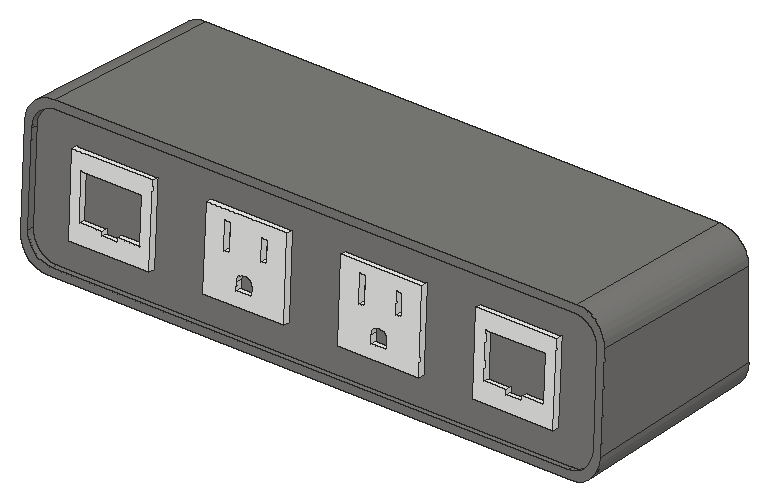
Revit family "Power-Teknion-BEEPC_Power_Cube-R2018", category Furniture, Revit 2018
Family settings
  OmniClass Number = 23.40.20.00
  OmniClass Title = General Furniture and Specialties
  Work Plane-Based = Yes
  Always vertical = Yes
  Cut with Voids When Loaded = No
  Shared = Yes
  Room Calculation Point = No
Parameters (values of type "Quad - 2 Power / 0 USB / 2 Data")
  Width = 7.5591"
  Warranty = "http://www.teknion.com/ca/papers/legal-canada"
  Unit Weight URL = "http://www.teknion.com/ca/tools/assets#&asset=bee6a381-b954-425e-8283-5a2de3a804f2,f828d448-4b62-4231-9e5f-9a8991c0ed77"
  URL = "www.teknion.com"
  To render please download texture images found here [instance] = "https://assets.teknion.com/web/5e81352c1dfdb467/revit-material-swatches/"
  Sustainability Data = "https://www.teknion.com/ca/tools/assets#&topic=216f99a5-57a0-44fc-b10a-9dee9b29ae4c&asset=444deb64-fe58-4b68-981e-f75e97781df7,b4ff2d81-9f2e-437d-9659-7cffb09c31cf"
  Series = "Expansion Casegoods"  # constant formula
  Quad - Right USB = no
  Quad - Right Data = yes
  Quad - Power = no
  Quad - Left USB = no
  Quad - Left Data = yes
  Quad = yes
  Product Page URL = "https://www.teknion.com/ca/products/product-details?productLineId=0053336e-8e7a-673b-a6c8-ff00004460c4"
  Product Line = "Expansion Casegoods"  # constant formula
  Product Documentation Link = "https://www.teknion.com/pricing/expansion-casegoods/pdfs/BEEPC_ppg.pdf"
  Part Number = "BEEPC"  # constant formula
  Model = "BEEPCQ202"
  Manufacturer Phone = "416-661-3370"  # constant formula
  Manufacturer Fax = "416.661.4586"  # constant formula
  Manufacturer Contact Information = "http://www.teknion.com/ca/contactus"
  Manufacturer Address = "1150 Flint Road, Toronto, ON. M3J 2J5. Canada"  # constant formula
  Manufacturer = "Teknion"  # constant formula
  How To Use Teknion Materials User Guide [instance] = "https://assets.teknion.com/m/205dd0a49fa58060/original/How-to-add-a-Material-Library-and-Texture-Images-to-your-Revit-project.pdf"
  For Additional Finishes please visit [instance] = "https://assets.teknion.com/m/44a8009b046e5d47/original/Teknion_Materials_Library.zip"
  Dual - USB = no
  Dual - Power = no
  Dual - Data = no
  Dual = no
  Description = "Power Cube, Quad - 2 Power / 0 USB / 2 Data Configuration"
  Default Elevation = 48.000"
  Case, Back & Front Finish [instance] = Paint - Teknion - Foundation - Granite
  Assembly Code = "E2020200"
Types (8): name | Width | Quad - Right USB | Quad - Right Data | Quad - Power | Quad - Left USB | Quad - Left Data | Quad | Model | Dual - USB | Dual - Power | Dual - Data | Dual | Description
  (no name) | 7.5591" | no | yes | no | no | yes | yes | "BEEPCQ202" | no | no | no | no | "Power Cube, Quad - 2 Power / 0 USB / 2 Data Configuration"
  Dual - 1 Power / 0 USB / 1 Data | 5.000" | no | no | no | no | no | no | "BEEPCD101" | no | no | yes | yes | "Power Cube, Dual - 1 Power / 0 USB / 1 Data Configuration"
  Quad - 2 Power / 0 USB / 2 Data | 7.5591" | no | yes | no | no | yes | yes | "BEEPCQ202" | no | no | no | no | "Power Cube, Quad - 2 Power / 0 USB / 2 Data Configuration"
  Dual - 1 Power / 2 USB / 0 Data | 5.000" | no | no | no | no | no | no | "BEEPCD120" | yes | no | no | yes | "Power Cube, Dual - 1 Power / 2 USB / 0 Data Configuration"
  Dual - Power Only | 5.000" | no | no | no | no | no | no | "BEEPCD200" | no | yes | no | yes | "Power Cube, Dual - Power Only Configuration"
  Quad - 2 Power / 2 USB / 1 Data | 7.5591" | yes | no | no | no | yes | yes | "BEEPCQ221" | no | no | no | no | "Power Cube, Quad - 2 Power / 2 USB / 1 Data Configuration"
  Quad - 2 Power / 4 USB / 0 Data | 7.5591" | yes | no | no | yes | no | yes | "BEEPCQ240" | no | no | no | no | "Power Cube, Quad - 2 Power / 4 USB / 0 Data Configuration"
  Quad - 3 Power / 2 USB / 0 Data | 7.5591" | yes | no | yes | no | no | yes | "BEEPCQ320" | no | no | no | no | "Power Cube, Quad - 3 Power / 2 USB / 0 Data Configuration"
Reference planes (in)
  plane 1 "Center Front/Back": y = 0
  plane 2: z = 0
  plane 3 "Center Left/Right": x = 0
  plane 4 "Left": x = -3.77955
  plane 5 "Right": x = 3.77955
  plane 6 "Back": y = 1.25
  plane 7 "Front": y = -1.25
  plane 8 "Top": z = 2
Forms (in)
  SweptBlend 1, solid, material "Paint - Teknion - Foundation - Granite" <- "Case, Back & Front Finish"
    path origin (0, 0, 0) x (1, 0, 0) y (0, 1, 0)
      loop
        line (0, 1.25) -> (0, -1.25)
    profile origin (0, 1.25, 0) x (1, 0, 0) y (0, 0, 1)
      loop
        arc (-3.3425, 1.87447) -> (-3.60704, 1.76473) -> (-3.7162, 1.49995) r 0.37371
        line (-3.7162, 1.49995) -> (-3.7162, 0.37337)
        arc (-3.7162, 0.37337) -> (-3.60676, 0.10915) -> (-3.34254, -0.00029) r 0.37366
        line (-3.34254, -0.00029) -> (3.34256, -0.00029)
        arc (3.34256, -0.00029) -> (3.60676, 0.10915) -> (3.71619, 0.37335) r 0.37363
        line (3.71619, 0.37335) -> (3.71619, 1.49995)
        arc (3.71619, 1.49995) -> (3.60703, 1.76473) -> (3.34249, 1.87447) r 0.3737
        line (3.34249, 1.87447) -> (-3.3425, 1.87447)
    end profile origin (0, -1.25, 0) x (1, 0, 0) y (0, 0, 1)
      loop
        line (3.40547, 2) -> (-3.40598, 2)
        arc (-3.40598, 2) -> (-3.67013, 1.89058) -> (-3.77955, 1.62643) r 0.37357
        line (-3.77955, 1.62643) -> (-3.77955, 0.3735)
        arc (-3.77955, 0.3735) -> (-3.67015, 0.1094) -> (-3.40605, 0) r 0.3735
        line (-3.40605, 0) -> (3.40583, 0)
        arc (3.40583, 0) -> (3.67009, 0.10946) -> (3.77955, 0.37372) r 0.37372
        line (3.77955, 0.37372) -> (3.77955, 1.62592)
        arc (3.77955, 1.62592) -> (3.66998, 1.89043) -> (3.40547, 2) r 0.37408
  Sweep 2, void
    path origin (0, 0, 0) x (1, 0, 0) y (0, 1, 0)
      loop
        line (-4.25, 0) -> (4.25, 0)
    profile origin (0, 0, 0) x (0, 1, 0) y (0, 0, 1)
      loop
        line (-1.25262, -0.05) -> (-1.14256, 2.05) -> (-1.35, 2.05) -> (-1.35, -0.05) -> (-1.25262, -0.05)
  Sweep 3, void
    path origin (0, 0, 0) x (0, 1, 0) y (0, 0, 1)
      loop
        line (-1.11895, 0.99598) -> (-1.19998, 1.00023)
    profile origin (0, -1.15947, 0.99811) x (0, -0.052336, -0.99863) y (1, 0, 0)
      loop
        line (-0.90284, 3.35632) -> (-0.90284, -3.35632)
        arc (-0.90284, -3.35632) -> (-0.80771, -3.58599) -> (-0.57804, -3.68112) r 0.3248
        line (-0.57804, -3.68112) -> (0.57849, -3.68112)
        arc (0.57849, -3.68112) -> (0.80799, -3.58606) -> (0.90305, -3.35657) r 0.32456
        line (0.90305, -3.35657) -> (0.90305, 3.35611)
        arc (0.90305, 3.35611) -> (0.80786, 3.58593) -> (0.57804, 3.68112) r 0.32501
        line (0.57804, 3.68112) -> (-0.57804, 3.68112)
        arc (-0.57804, 3.68112) -> (-0.80771, 3.58599) -> (-0.90284, 3.35632) r 0.3248
  Sweep 4, solid, material "Paint - Teknion - Mica - Very White", visible <- "Dual"
    path origin (0, 0, 0) x (0, 1, 0) y (0, 0, 1)
      loop
        line (-1.11896, 0.99588) -> (-1.19759, 1)
    profile origin (0, -1.15828, 0.99794) x (0, -0.052336, -0.99863) y (1, 0, 0)
      loop
        line (0.5252, -1.72639) -> (0.5252, -0.676) -> (-0.5252, -0.676) -> (-0.5252, -1.72639) -> (0.5252, -1.72639)
      loop
        line (-0.39882, -1.40474) -> (-0.39882, -1.47679) -> (-0.05, -1.47679) -> (-0.05, -1.40474) -> (-0.39882, -1.40474)
      loop
        line (-0.35945, -0.99765) -> (-0.08937, -0.99765) -> (-0.08937, -0.92561) -> (-0.35945, -0.92561) -> (-0.35945, -0.99765)
      loop
        line (0.24685, -1.30474) -> (0.35039, -1.30474) -> (0.35039, -1.09765) -> (0.24685, -1.09765)
        arc (0.24685, -1.09765) -> (0.14331, -1.2012) -> (0.24685, -1.30474) r 0.10354
  Sweep 5, solid, material "Paint - Teknion - Mica - Very White", visible <- "Dual - Power"
    path origin (0, 0, 0) x (0, 1, 0) y (0, 0, 1)
      loop
        line (-1.11896, 0.99588) -> (-1.19759, 1)
    profile origin (0, -1.15828, 0.99794) x (0, -0.052336, -0.99863) y (1, 0, 0)
      loop
        line (-0.5252, 1.72639) -> (-0.5252, 0.676) -> (0.5252, 0.676) -> (0.5252, 1.72639) -> (-0.5252, 1.72639)
      loop
        line (-0.04975, 0.9977) -> (-0.39857, 0.9977) -> (-0.39857, 0.92565) -> (-0.04975, 0.92565) -> (-0.04975, 0.9977)
      loop
        line (-0.08912, 1.4047) -> (-0.08912, 1.47674) -> (-0.3592, 1.47674) -> (-0.3592, 1.4047) -> (-0.08912, 1.4047)
      loop
        line (0.3502, 1.09765) -> (0.3502, 1.30474) -> (0.24665, 1.30474)
        arc (0.24665, 1.30474) -> (0.14311, 1.2012) -> (0.24665, 1.09765) r 0.10354
        line (0.24665, 1.09765) -> (0.3502, 1.09765)
  Sweep 6, solid, material "Paint - Teknion - Mica - Very White", visible <- "Dual - USB"
    path origin (0, 0, 0) x (0, 1, 0) y (0, 0, 1)
      loop
        line (-1.11895, 0.99598) -> (-1.19759, 1.0001)
    profile origin (0, -1.15827, 0.99804) x (0, -0.052336, -0.99863) y (1, 0, 0)
      loop
        line (0.5252, 0.676) -> (0.5252, 1.72639) -> (-0.5252, 1.72639) -> (-0.5252, 0.676) -> (0.5252, 0.676)
      loop
        line (-0.3545, 0.8917) -> (0.3545, 0.8917) -> (0.3545, 1.0887) -> (-0.3545, 1.0887) -> (-0.3545, 0.8917)
      loop
        line (0.3545, 1.5107) -> (-0.3545, 1.5107) -> (-0.3545, 1.3137) -> (0.3545, 1.3137) -> (0.3545, 1.5107)
  Sweep 7, solid, material "Paint - Teknion - Mica - Very White", visible <- "Dual - Data"
    path origin (0, 0, 0) x (0, 1, 0) y (0, 0, 1)
      loop
        line (-1.11895, 0.99598) -> (-1.19759, 1.0001)
    profile origin (0, -1.15827, 0.99804) x (0, -0.052336, -0.99863) y (1, 0, 0)
      loop
        line (0.5252, 0.676) -> (0.5252, 1.72639) -> (-0.5252, 1.72639) -> (-0.5252, 0.676) -> (0.5252, 0.676)
      loop
        line (-0.3152, 1.5947) -> (-0.3152, 0.8077) -> (0.2758, 0.8077) -> (0.2758, 1.09765) -> (0.3308, 1.09765) -> (0.3308, 1.30475) -> (0.2758, 1.30475) -> (0.2758, 1.5947) -> (-0.3152, 1.5947)
  Sweep 8, solid, material "Paint - Teknion - Mica - Very White", visible <- "Quad"
    path origin (0, 0, 0) x (0, 1, 0) y (0, 0, 1)
      loop
        line (-1.11896, 0.99588) -> (-1.19759, 1)
    profile origin (0, -1.15828, 0.99794) x (0, -0.052336, -0.99863) y (1, 0, 0)
      loop
        line (-0.5252, -1.40239) -> (0.5252, -1.40239) -> (0.5252, -0.352) -> (-0.5252, -0.352) -> (-0.5252, -1.40239)
      loop
        line (-0.05, -1.08074) -> (-0.39882, -1.08074) -> (-0.39882, -1.15279) -> (-0.05, -1.15279) -> (-0.05, -1.08074)
      loop
        line (-0.08937, -0.67365) -> (-0.08937, -0.60161) -> (-0.35945, -0.60161) -> (-0.35945, -0.67365) -> (-0.08937, -0.67365)
      loop
        line (0.24685, -0.98074) -> (0.35039, -0.98074) -> (0.35039, -0.77365) -> (0.24685, -0.77365)
        arc (0.24685, -0.77365) -> (0.14331, -0.8772) -> (0.24685, -0.98074) r 0.10354
  Sweep 9, solid, material "Paint - Teknion - Mica - Very White", visible <- "Quad"
    path origin (0, 0, 0) x (0, 1, 0) y (0, 0, 1)
      loop
        line (-1.11895, 0.99598) -> (-1.19759, 1.0001)
    profile origin (0, -1.15827, 0.99804) x (0, -0.052336, -0.99863) y (1, 0, 0)
      loop
        line (0.5253, 0.352) -> (0.5253, 1.40239) -> (-0.52509, 1.40239) -> (-0.52509, 0.352) -> (0.5253, 0.352)
      loop
        line (-0.39846, 0.60165) -> (-0.04964, 0.60165) -> (-0.04964, 0.6737) -> (-0.39846, 0.6737) -> (-0.39846, 0.60165)
      loop
        line (-0.35909, 1.15274) -> (-0.35909, 1.0807) -> (-0.08901, 1.0807) -> (-0.08901, 1.15274) -> (-0.35909, 1.15274)
      loop
        line (0.24676, 0.77365) -> (0.3503, 0.77365) -> (0.3503, 0.98074) -> (0.24676, 0.98074)
        arc (0.24676, 0.98074) -> (0.14322, 0.8772) -> (0.24676, 0.77365) r 0.10354
  Sweep 10, solid, material "Paint - Teknion - Mica - Very White", visible <- "Quad - Power"
    path origin (0, 0, 0) x (0, 1, 0) y (0, 0, 1)
      loop
        line (-1.11896, 0.99588) -> (-1.19759, 1)
    profile origin (0, -1.15828, 0.99794) x (0, -0.052336, -0.99863) y (1, 0, 0)
      loop
        line (-0.5252, -3.15605) -> (0.5252, -3.15605) -> (0.5252, -2.10565) -> (-0.5252, -2.10565) -> (-0.5252, -3.15605)
      loop
        line (-0.05, -2.90644) -> (-0.05, -2.83439) -> (-0.39882, -2.83439) -> (-0.39882, -2.90644) -> (-0.05, -2.90644)
      loop
        line (-0.08937, -2.42731) -> (-0.08937, -2.35526) -> (-0.35945, -2.35526) -> (-0.35945, -2.42731) -> (-0.08937, -2.42731)
      loop
        line (0.35039, -2.52731) -> (0.24685, -2.52731)
        arc (0.24685, -2.52731) -> (0.14331, -2.63085) -> (0.24685, -2.73439) r 0.10354
        line (0.24685, -2.73439) -> (0.35039, -2.73439) -> (0.35039, -2.52731)
  Sweep 11, solid, material "Paint - Teknion - Mica - Very White", visible <- "Quad - Right USB"
    path origin (0, 0, 0) x (0, 1, 0) y (0, 0, 1)
      loop
        line (-1.11896, 0.99588) -> (-1.19759, 1)
    profile origin (0, -1.15828, 0.99794) x (0, -0.052336, -0.99863) y (1, 0, 0)
      loop
        line (0.52446, 2.10639) -> (0.52446, 3.15605) -> (-0.5252, 3.15605) -> (-0.5252, 2.10639) -> (0.52446, 2.10639)
      loop
        line (0.35413, 2.74372) -> (0.35413, 2.94072) -> (-0.35487, 2.94072) -> (-0.35487, 2.74372) -> (0.35413, 2.74372)
      loop
        line (-0.35487, 2.32172) -> (0.35413, 2.32172) -> (0.35413, 2.51872) -> (-0.35487, 2.51872) -> (-0.35487, 2.32172)
  Sweep 12, solid, material "Paint - Teknion - Mica - Very White", visible <- "Quad - Left USB"
    path origin (0, 0, 0) x (0, 1, 0) y (0, 0, 1)
      loop
        line (-1.11896, 0.99588) -> (-1.19759, 1)
    profile origin (0, -1.15828, 0.99794) x (0, -0.052336, -0.99863) y (1, 0, 0)
      loop
        line (0.52446, -3.15605) -> (0.52446, -2.10639) -> (-0.5252, -2.10639) -> (-0.5252, -3.15605) -> (0.52446, -3.15605)
      loop
        line (0.35413, -2.51872) -> (0.35413, -2.32172) -> (-0.35487, -2.32172) -> (-0.35487, -2.51872) -> (0.35413, -2.51872)
      loop
        line (-0.35487, -2.94072) -> (0.35413, -2.94072) -> (0.35413, -2.74372) -> (-0.35487, -2.74372) -> (-0.35487, -2.94072)
  Sweep 13, solid, material "Paint - Teknion - Mica - Very White", visible <- "Quad - Right Data"
    path origin (0, 0, 0) x (0, 1, 0) y (0, 0, 1)
      loop
        line (-1.11896, 0.99588) -> (-1.19759, 1)
    profile origin (0, -1.15828, 0.99794) x (0, -0.052336, -0.99863) y (1, 0, 0)
      loop
        line (-0.3152, 3.02509) -> (-0.3152, 2.23809) -> (0.2758, 2.23809) -> (0.2758, 2.52804) -> (0.3308, 2.52804) -> (0.3308, 2.73514) -> (0.2758, 2.73514) -> (0.2758, 3.02509) -> (-0.3152, 3.02509)
      loop
        line (0.5252, 3.15679) -> (-0.5252, 3.15679) -> (-0.5252, 2.10639) -> (0.5252, 2.10639) -> (0.5252, 3.15679)
  Sweep 14, solid, material "Paint - Teknion - Mica - Very White", visible <- "Quad - Left Data"
    path origin (0, 0, 0) x (0, 1, 0) y (0, 0, 1)
      loop
        line (-1.11896, 0.99588) -> (-1.19759, 1)
    profile origin (0, -1.15828, 0.99794) x (0, -0.052336, -0.99863) y (1, 0, 0)
      loop
        line (0.3308, -2.5273) -> (0.2758, -2.5273) -> (0.2758, -2.23735) -> (-0.3152, -2.23735) -> (-0.3152, -3.02435) -> (0.2758, -3.02435) -> (0.2758, -2.7344) -> (0.3308, -2.7344) -> (0.3308, -2.5273)
      loop
        line (0.5252, -3.15605) -> (0.5252, -2.10565) -> (-0.5252, -2.10565) -> (-0.5252, -3.15605) -> (0.5252, -3.15605)
Cuts and joins
  Sweep 2, Sweep 3 cuts SweptBlend 1
Lines and regions (in)
  Masking region 1
    outline origin (0, 0, 0) x (1, 0, 0) y (0, 1, 0)
      loop
        line (-3.7162, 1.25) -> (-3.77955, -1.25) -> (3.77955, -1.25) -> (3.71619, 1.25) -> (-3.7162, 1.25)
  symbolic lines, style "FurnitureHiddenLines", detail levels medium+fine
    curve 1: line (-3.68112, -1.25, 0) -> (-3.68112, -1.0717, 0)
    curve 2: line (3.68112, -1.25, 0) -> (3.68112, -1.0717, 0)
    curve 3: line (-3.68112, -1.0717, 0) -> (3.68112, -1.0717, 0)
  symbolic lines, style "FurnitureHiddenLines", visible <- "Dual", detail levels medium+fine
    curve 4: line (-1.72639, -1.09147, 0) -> (-0.676, -1.09147, 0)
    curve 5: line (-1.72639, -1.14645, 0) -> (-1.72639, -1.09147, 0)
    curve 6: line (-0.676, -1.14645, 0) -> (-1.72639, -1.14645, 0)
    curve 7: line (-0.676, -1.09147, 0) -> (-0.676, -1.14645, 0)
    curve 8: line (0.676, -1.09147, 0) -> (1.72639, -1.09147, 0)
    curve 9: line (0.676, -1.14645, 0) -> (0.676, -1.09147, 0)
    curve 10: line (1.72639, -1.14645, 0) -> (0.676, -1.14645, 0)
    curve 11: line (1.72639, -1.09147, 0) -> (1.72639, -1.14645, 0)
  symbolic lines, style "FurnitureHiddenLines", visible <- "Quad", detail levels medium+fine
    curve 12: line (0.352, -1.09147, 0) -> (1.40239, -1.09147, 0)
    curve 13: line (0.352, -1.14645, 0) -> (0.352, -1.09147, 0)
    curve 14: line (1.40239, -1.14645, 0) -> (0.352, -1.14645, 0)
    curve 15: line (1.40239, -1.09147, 0) -> (1.40239, -1.14645, 0)
    curve 16: line (-1.40239, -1.09147, 0) -> (-0.352, -1.09147, 0)
    curve 17: line (-1.40239, -1.14645, 0) -> (-1.40239, -1.09147, 0)
    curve 18: line (-0.352, -1.14645, 0) -> (-1.40239, -1.14645, 0)
    curve 19: line (-0.352, -1.09147, 0) -> (-0.352, -1.14645, 0)
    curve 20: line (-3.15605, -1.09147, 0) -> (-2.10639, -1.09147, 0)
    curve 21: line (-3.15605, -1.14641, 0) -> (-3.15605, -1.09147, 0)
    curve 22: line (-2.10639, -1.14641, 0) -> (-3.15605, -1.14641, 0)
    curve 23: line (-2.10639, -1.09147, 0) -> (-2.10639, -1.14641, 0)
    curve 24: line (2.10639, -1.09147, 0) -> (3.15605, -1.09147, 0)
    curve 25: line (2.10639, -1.14641, 0) -> (2.10639, -1.09147, 0)
    curve 26: line (3.15605, -1.14641, 0) -> (2.10639, -1.14641, 0)
    curve 27: line (3.15605, -1.09147, 0) -> (3.15605, -1.14641, 0)
Dimensions and locks (in)
  "Width": plane 4 "Left" to plane 5 "Right"
  locked: plane 6 "Back" to plane 7 "Front" at 2.5
  locked: plane 8 "Top" to level at 2
  equal spacing: plane 4 "Left", plane 3 "Center Left/Right", plane 5 "Right"
  equal spacing: plane 6 "Back", plane 1 "Center Front/Back", plane 7 "Front"
  locked: plane 8 "Top" to SweptBlend 1 sketch curve at 0.12553
  locked: SweptBlend 1 sketch curve to plane 4 "Left" at 0.06335
  locked: SweptBlend 1 sketch curve to plane 5 "Right" at 0.06336
  locked: level to SweptBlend 1 sketch curve at 0.00029
  locked: plane 7 "Front" to Sweep 2 sketch curve at 0.1
  Sweep 2 sketch curve to plane 7 "Front" to Sweep 2 sketch curve = 0.10744" locked, 0.00262" locked
  locked: level to Sweep 2 sketch curve at 0.05
  locked: Sweep 2 sketch curve to plane 8 "Top" at 0.05
  locked: Sweep 2 sketch curve to plane 4 "Left" at 0.47045
  locked: plane 5 "Right" to Sweep 2 sketch curve at 0.47045
  Sweep 3 sketch curve to Sweep 3 sketch curve to plane 7 "Front" = 0.08103" locked, 0.05002" locked
  Sweep 3 sketch curve to Sweep 3 sketch curve to level = 0.00425" locked, 0.99598" locked
  locked: plane 4 "Left" to Sweep 3 sketch curve at 0.09843
  locked: Sweep 3 sketch curve to plane 5 "Right" at 0.09843
  Sweep 3 sketch curve to profile plane to Sweep 3 sketch curve = 0.90284" locked, 0.90305" locked
  Sweep 4 sketch curve to Sweep 4 sketch curve to level = 0.00412" locked, 0.99588" locked
  Sweep 4 sketch curve to Sweep 4 sketch curve to plane 7 "Front" = 0.07863" locked, 0.05241" locked
  Sweep 5 sketch curve to Sweep 5 sketch curve to level = 0.00412" locked, 0.99588" locked
  Sweep 5 sketch curve to Sweep 5 sketch curve to plane 7 "Front" = 0.07863" locked, 0.05241" locked
  Sweep 6 sketch curve to Sweep 6 sketch curve to level = 0.00412" locked, 0.99598" locked
  Sweep 6 sketch curve to Sweep 6 sketch curve to plane 7 "Front" = 0.07863" locked, 0.05241" locked
  Sweep 7 sketch curve to Sweep 7 sketch curve to level = 0.00412" locked, 0.99598" locked
  Sweep 7 sketch curve to Sweep 7 sketch curve to plane 7 "Front" = 0.07863" locked, 0.05241" locked
  Sweep 8 sketch curve to Sweep 8 sketch curve to level = 0.00412" locked, 0.99588" locked
  Sweep 8 sketch curve to Sweep 8 sketch curve to plane 7 "Front" = 0.07863" locked, 0.05241" locked
  Sweep 9 sketch curve to Sweep 9 sketch curve to level = 0.00412" locked, 0.99598" locked
  Sweep 9 sketch curve to Sweep 9 sketch curve to plane 7 "Front" = 0.07863" locked, 0.05241" locked
  plane 7 "Front" to Sweep 10 sketch curve to Sweep 10 sketch curve = 0.05241" locked, 0.07863" locked
  Sweep 10 sketch curve to Sweep 10 sketch curve to level = 0.00412" locked, 0.99588" locked
  plane 7 "Front" to Sweep 11 sketch curve to Sweep 11 sketch curve = 0.05241" locked, 0.07863" locked
  Sweep 11 sketch curve to Sweep 11 sketch curve to level = 0.00412" locked, 0.99588" locked
  plane 7 "Front" to Sweep 12 sketch curve to Sweep 12 sketch curve = 0.05241" locked, 0.07863" locked
  Sweep 12 sketch curve to Sweep 12 sketch curve to level = 0.00412" locked, 0.99588" locked
  Sweep 13 sketch curve to Sweep 13 sketch curve to plane 7 "Front" = 0.07863" locked, 0.05241" locked
  Sweep 13 sketch curve to Sweep 13 sketch curve to level = 0.00412" locked, 0.99588" locked
  plane 7 "Front" to Sweep 14 sketch curve to Sweep 14 sketch curve = 0.05241" locked, 0.07863" locked
  Sweep 14 sketch curve to Sweep 14 sketch curve to level = 0.00412" locked, 0.99588" locked
  plane 4 "Left" to Masking region 1 sketch curve to Masking region 1 sketch curve = 0.000" locked, 0.06335" locked
  Masking region 1 sketch curve to plane 5 "Right" to Masking region 1 sketch curve = 0.06336" locked, 0.000" locked
  locked: plane 7 "Front" to curve 3 at 0.1783
  locked: plane 4 "Left" to curve 1 at 0.09843
  locked: curve 2 to plane 5 "Right" at 0.09843
  curve 5 to curve 7 to plane 3 "Center Left/Right" = 1.05039" locked, 0.676" locked
  plane 7 "Front" to curve 6 to curve 4 = 0.10355" locked, 0.05497" locked
  plane 7 "Front" to curve 10 to curve 8 = 0.10355" locked, 0.05497" locked
  plane 3 "Center Left/Right" to curve 9 to curve 11 = 0.676" locked, 1.05039" locked
  curve 21 to curve 23 to curve 17 to curve 19 to plane 3 "Center Left/Right" to curve 13 to curve 15 to curve 25 to curve 27 = 1.04965" locked, 0.704" locked, 1.05039" locked, 0.352" locked, 0.352" locked, 1.05039" locked, 0.704" locked, 1.04965" locked
  plane 7 "Front" to curve 18 to curve 14 to curve 22 to curve 26 to curve 20 to curve 16 to curve 12 to curve 24 = 0.10355" locked, 0.000" locked, 0.00004" locked, 0.000" locked, 0.05493" locked, 0.000" locked, 0.000" locked, 0.000" locked
  aligned and locked: level to plane 2
  aligned and locked: plane 6 "Back" to SweptBlend 1 sketch curve
  aligned and locked: plane 7 "Front" to SweptBlend 1 sketch curve
  aligned and locked: SweptBlend 1 sketch curve to plane 3 "Center Left/Right"
  aligned and locked: plane 8 "Top" to SweptBlend 1 sketch curve
  aligned and locked: SweptBlend 1 sketch curve to level
  aligned and locked: SweptBlend 1 sketch curve to plane 5 "Right"
  aligned and locked: SweptBlend 1 sketch curve to plane 4 "Left"
  aligned and locked: Sweep 2 sketch curve to plane 1 "Center Front/Back"
  aligned and locked: Masking region 1 sketch curve to plane 6 "Back"
  aligned and locked: plane 7 "Front" to Masking region 1 sketch curve
Automatic sketch dimensions
  level to SweptBlend 1 sketch curve = 1.49995"
  SweptBlend 1 sketch curve to SweptBlend 1 sketch curve = 0.37366"
  SweptBlend 1 sketch curve to SweptBlend 1 sketch curve = 0.3737"
  level to SweptBlend 1 sketch curve = 1.50077"
  SweptBlend 1 sketch curve to SweptBlend 1 sketch curve = 0.00006"
  level to SweptBlend 1 sketch curve = 0.37335"
  level to SweptBlend 1 sketch curve = 0.3735"
  SweptBlend 1 sketch curve to SweptBlend 1 sketch curve = 0.37357"
  level to SweptBlend 1 sketch curve = 0.37372"
  SweptBlend 1 sketch curve to SweptBlend 1 sketch curve = 0.00036"
  Sweep 3 sketch curve to Sweep 3 sketch curve = 0.3248"  (x2)
  Sweep 3 sketch curve to profile plane = 0.57804"
  Sweep 3 sketch curve to Sweep 3 sketch curve = 0.32456"
  profile plane to Sweep 4 sketch curve = 0.5252"
  Sweep 4 sketch curve to Sweep 4 sketch curve = 0.12638"
  Sweep 4 sketch curve to Sweep 4 sketch curve = 0.16575"
  profile plane to Sweep 4 sketch curve = 0.08937"
  profile plane to Sweep 4 sketch curve = 0.050"
  Sweep 4 sketch curve to profile plane = 0.24685"
  Sweep 4 sketch curve to Sweep 4 sketch curve = 0.10354"  (x2)
  Sweep 4 sketch curve to Sweep 4 sketch curve = 0.1748"
  Sweep 4 sketch curve to plane 3 "Center Left/Right" = 1.72639"
  Sweep 4 sketch curve to Sweep 4 sketch curve = 0.24961"  (x2)
  Sweep 4 sketch curve to Sweep 4 sketch curve = 0.07205"  (x2)
  Sweep 4 sketch curve to Sweep 4 sketch curve = 0.100"  (x2)
  profile plane to Sweep 5 sketch curve = 0.5252"
  Sweep 5 sketch curve to Sweep 5 sketch curve = 0.12663"
  Sweep 5 sketch curve to Sweep 5 sketch curve = 0.166"
  profile plane to Sweep 5 sketch curve = 0.08912"
  profile plane to Sweep 5 sketch curve = 0.04975"
  Sweep 5 sketch curve to profile plane = 0.24665"
  Sweep 5 sketch curve to Sweep 5 sketch curve = 0.10354"  (x2)
  Sweep 5 sketch curve to Sweep 5 sketch curve = 0.175"
  plane 3 "Center Left/Right" to Sweep 5 sketch curve = 0.676"
  Sweep 5 sketch curve to Sweep 5 sketch curve = 0.24965"  (x2)
  Sweep 5 sketch curve to Sweep 5 sketch curve = 0.07205"  (x2)
  Sweep 5 sketch curve to Sweep 5 sketch curve = 0.09996"
  Sweep 5 sketch curve to Sweep 5 sketch curve = 0.407"
  profile plane to Sweep 6 sketch curve = 0.5252"
  plane 3 "Center Left/Right" to Sweep 6 sketch curve = 0.676"
  Sweep 6 sketch curve to Sweep 6 sketch curve = 1.05039"
  Sweep 6 sketch curve to Sweep 6 sketch curve = 0.1707"  (x2)
  Sweep 6 sketch curve to Sweep 6 sketch curve = 0.000"  (x2)
  Sweep 6 sketch curve to Sweep 6 sketch curve = 0.709"
  Sweep 6 sketch curve to Sweep 6 sketch curve = 0.2157"
  Sweep 6 sketch curve to Sweep 6 sketch curve = 0.197"  (x2)
  Sweep 6 sketch curve to Sweep 6 sketch curve = 0.225"
  Sweep 7 sketch curve to profile plane = 0.5252"
  plane 3 "Center Left/Right" to Sweep 7 sketch curve = 0.676"
  Sweep 7 sketch curve to Sweep 7 sketch curve = 1.05039"  (x2)
  Sweep 7 sketch curve to Sweep 7 sketch curve = 0.210"
  Sweep 7 sketch curve to Sweep 7 sketch curve = 0.1317"  (x2)
  Sweep 7 sketch curve to Sweep 7 sketch curve = 0.24939"
  Sweep 7 sketch curve to Sweep 7 sketch curve = 0.28995"
  Sweep 7 sketch curve to Sweep 7 sketch curve = 0.055"  (x2)
  Sweep 7 sketch curve to Sweep 7 sketch curve = 0.2071"
  profile plane to Sweep 8 sketch curve = 0.5252"
  Sweep 8 sketch curve to Sweep 8 sketch curve = 0.12638"
  Sweep 8 sketch curve to Sweep 8 sketch curve = 0.16575"
  profile plane to Sweep 8 sketch curve = 0.08937"
  profile plane to Sweep 8 sketch curve = 0.050"
  Sweep 8 sketch curve to profile plane = 0.24685"
  Sweep 8 sketch curve to Sweep 8 sketch curve = 0.10354"  (x2)
  Sweep 8 sketch curve to Sweep 8 sketch curve = 0.1748"
  Sweep 8 sketch curve to plane 3 "Center Left/Right" = 1.40239"
  Sweep 8 sketch curve to Sweep 8 sketch curve = 0.24961"
  Sweep 8 sketch curve to Sweep 8 sketch curve = 0.07205"  (x2)
  Sweep 8 sketch curve to Sweep 8 sketch curve = 0.100"
  Sweep 8 sketch curve to Sweep 8 sketch curve = 0.40709"
  Sweep 8 sketch curve to plane 3 "Center Left/Right" = 0.352"
  profile plane to Sweep 9 sketch curve = 0.52509"
  Sweep 9 sketch curve to Sweep 9 sketch curve = 0.12663"
  profile plane to Sweep 9 sketch curve = 0.35909"
  profile plane to Sweep 9 sketch curve = 0.08901"
  profile plane to Sweep 9 sketch curve = 0.04964"
  Sweep 9 sketch curve to profile plane = 0.24676"
  Sweep 9 sketch curve to Sweep 9 sketch curve = 0.10354"  (x2)
  Sweep 9 sketch curve to Sweep 9 sketch curve = 0.175"
  plane 3 "Center Left/Right" to Sweep 9 sketch curve = 0.352"
  Sweep 9 sketch curve to Sweep 9 sketch curve = 0.24965"  (x2)
  Sweep 9 sketch curve to Sweep 9 sketch curve = 0.07205"  (x2)
  Sweep 9 sketch curve to Sweep 9 sketch curve = 0.09996"
  Sweep 9 sketch curve to Sweep 9 sketch curve = 0.407"
  profile plane to Sweep 10 sketch curve = 0.5252"
  Sweep 10 sketch curve to profile plane = 0.5252"
  Sweep 10 sketch curve to plane 3 "Center Left/Right" = 3.15605"
  Sweep 10 sketch curve to plane 3 "Center Left/Right" = 2.10565"
  Sweep 10 sketch curve to Sweep 10 sketch curve = 0.12638"
  profile plane to Sweep 10 sketch curve = 0.050"
  Sweep 10 sketch curve to Sweep 10 sketch curve = 0.24961"
  Sweep 10 sketch curve to Sweep 10 sketch curve = 0.07205"  (x2)
  profile plane to Sweep 10 sketch curve = 0.35945"
  profile plane to Sweep 10 sketch curve = 0.08937"
  Sweep 10 sketch curve to Sweep 10 sketch curve = 0.32165"
  Sweep 10 sketch curve to profile plane = 0.24685"
  Sweep 10 sketch curve to Sweep 10 sketch curve = 0.10354"  (x2)
  Sweep 10 sketch curve to Sweep 10 sketch curve = 0.100"
  profile plane to Sweep 11 sketch curve = 0.5252"
  plane 3 "Center Left/Right" to Sweep 11 sketch curve = 2.10639"
  Sweep 11 sketch curve to Sweep 11 sketch curve = 1.04965"
  Sweep 11 sketch curve to profile plane = 0.52446"
  Sweep 11 sketch curve to Sweep 11 sketch curve = 0.17033"  (x4)
  Sweep 11 sketch curve to Sweep 11 sketch curve = 0.21533"  (x2)
  Sweep 11 sketch curve to Sweep 11 sketch curve = 0.197"  (x2)
  profile plane to Sweep 12 sketch curve = 0.5252"
  Sweep 12 sketch curve to Sweep 12 sketch curve = 0.17033"  (x2)
  Sweep 12 sketch curve to Sweep 12 sketch curve = 0.000"  (x2)
  Sweep 12 sketch curve to profile plane = 0.35413"
  Sweep 12 sketch curve to plane 3 "Center Left/Right" = 3.15605"
  Sweep 12 sketch curve to Sweep 12 sketch curve = 0.21533"  (x2)
  Sweep 12 sketch curve to Sweep 12 sketch curve = 0.197"  (x2)
  Sweep 12 sketch curve to Sweep 12 sketch curve = 0.225"
  profile plane to Sweep 13 sketch curve = 0.3152"
  Sweep 13 sketch curve to profile plane = 0.2758"  (x2)
  Sweep 13 sketch curve to Sweep 13 sketch curve = 0.055"
  plane 3 "Center Left/Right" to Sweep 13 sketch curve = 2.23809"
  Sweep 13 sketch curve to Sweep 13 sketch curve = 0.28995"  (x2)
  Sweep 13 sketch curve to Sweep 13 sketch curve = 0.2071"
  Sweep 13 sketch curve to Sweep 13 sketch curve = 0.210"
  Sweep 13 sketch curve to Sweep 13 sketch curve = 0.24939"
  Sweep 13 sketch curve to Sweep 13 sketch curve = 0.1317"  (x2)
  profile plane to Sweep 14 sketch curve = 0.3152"
  Sweep 14 sketch curve to profile plane = 0.2758"
  Sweep 14 sketch curve to Sweep 14 sketch curve = 0.000"
  Sweep 14 sketch curve to Sweep 14 sketch curve = 0.055"
  Sweep 14 sketch curve to plane 3 "Center Left/Right" = 3.02435"
  Sweep 14 sketch curve to Sweep 14 sketch curve = 0.28995"  (x2)
  Sweep 14 sketch curve to Sweep 14 sketch curve = 0.2071"
  Sweep 14 sketch curve to Sweep 14 sketch curve = 0.210"
  Sweep 14 sketch curve to Sweep 14 sketch curve = 0.24939"
  Sweep 14 sketch curve to Sweep 14 sketch curve = 0.1317"  (x2)
  plane 7 "Front" to curve 2 = 0.000"
  plane 7 "Front" to curve 1 = 0.000"
